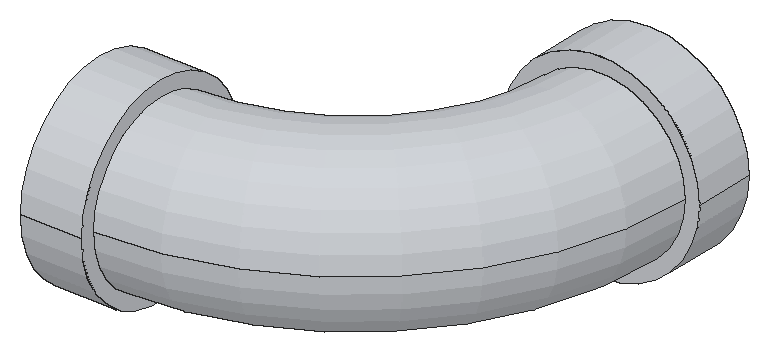
Revit family "6b43ec90e81c4598974d1cfea7ddf7a5", category Pipe Fittings, Revit 2021
Family settings
  Round Connector Dimension = Use Radius
  Part Type = Elbow
  OmniClass Number = 23.60.30.11.14
  OmniClass Title = Pipework Fittings
  Seek Item ID = Bend Long Sweep - PVC - Sch 40 - DWV-0000-USA-ENU
  Work Plane-Based = No
  Always vertical = Yes
  Cut with Voids When Loaded = No
  Shared = No
Parameters (values of type "Standard")
  Wall Thickness [instance] = size_lookup(Lookup Table Name, "WThk", 0.02 * Nominal Diameter + 33/256", Nominal Diameter)  # 0.156"
  Tick Size [instance] = Fitting Outside Diameter * 0.4  # 0.76"
  Loss Method = Not Defined
  Lookup Table Name = "Bend Long Sweep - PVC - Sch 40 - DWV"
  Length 4 [instance] = Length 1 * sin(Angle)  # 3.437"
  Length 3 [instance] = Length 1 * cos(Angle) + Length 1 - Socket Depth  # 2 3/4"
  Fitting Outside Radius [instance] = Fitting Outside Diameter / 2  # 0.95"
  Fitting Outside Diameter [instance] = size_lookup(Lookup Table Name, "FOD", 1.04 * Nominal Diameter + 23/64", Nominal Diameter)  # 1.9"
  Length 2 [instance] = (Fitting Outside Radius + 1/32") * tan(Angle / 2) + Socket Depth  # 1.66825"
  Nominal Radius [instance] = 3/4"
  Nominal Diameter [instance] = Nominal Radius * 2  # 1 1/2"
  Socket Entrance Diameter [instance] = size_lookup(Lookup Table Name, "SED", 1.04 * Nominal Diameter + 95/256", Nominal Diameter)  # 1.915"
  Length 1 [instance] = if(Center to End > Fitting Outside Radius * tan(Angle / 2) + Socket Depth, Center to End, Length 2)  # 3.437"
  Default Elevation = 0' - 0"
  Center to Socket Bottom [instance] = size_lookup(Lookup Table Name, "CtSB", 1.36 * Nominal Diameter + 41/128", Nominal Diameter)  # 2 3/4"
  Center to End [instance] = Center to Socket Bottom + Socket Depth  # 3.437"
  Center Radius [instance] = (Length 1 - Socket Depth) / tan(Angle / 2)  # 2 3/4"
  Socket Depth [instance] = size_lookup(Lookup Table Name, "SDpt", 0.5 * Nominal Diameter, Nominal Diameter)  # 0.687"
  Socket Outside Radius [instance] = Socket Outside Diameter / 2  # 1.1135"
  Socket Outside Diameter [instance] = Socket Entrance Diameter + Wall Thickness * 2  # 2.227"
  Assembly Code = ""
  Angle [instance] = 90.00°
Reference planes (in)
  plane 1 "Center (Front/Back)": y = 0
  plane 2: z = 0
  plane 3 "Center (Left/Right)": x = 0
  plane 4: x = -2.75
  plane 5: x = -3.437
  plane 6: y = 2.75
  plane 7: y = 0.76
  plane 8: y = -0.76
  plane 9: y = 3.437
  plane 10: x = 0
Forms (in)
  Sweep 1, solid, detail levels fine
    path in 3D
      loop
        arc (-2.75, 0, 0) -> (-0.80546, 0.80546, 0) -> (0, 2.75, 0) r 2.75
    profile origin (-0.80546, 0.80546, 0) x (-0.707107, 0.707107, 0) y (0, 0, 1)
      loop
        circle (0, 0) r 0.95
  Sweep 2, solid, detail levels fine
    path in 3D
      loop
        line (-3.437, 0, 0) -> (-2.75, 0, 0)
    profile origin (-3.0935, 0, 0) x (0, 1, 0) y (0, 0, 1)
      loop
        circle (0, 0) r 1.1135
  Sweep 3, solid, detail levels fine
    path in 3D
      loop
        line (0, 2.75, 0) -> (0, 3.437, 0)
    profile origin (0, 3.0935, 0) x (-1, 0, 0) y (0, 0, 1)
      loop
        circle (0, 0) r 1.1135
Cuts and joins
  joined: Sweep 1, Sweep 2, Sweep 3
Lines and regions (in)
  model lines, detail levels coarse+medium
    curve 1: line (-3.437, 0, 0) -> (-2.75, 0, 0)
    curve 2: arc (-2.75, 0, 0) -> (-0.80546, 0.80546, 0) -> (0, 2.75, 0) r 2.75
    curve 3: line (0, 2.75, 0) -> (0, 3.437, 0)
    curve 8: line (-3.437, 0, 0) -> (-3.437, 0.76, 0)
    curve 9: line (-3.437, 0, 0) -> (-3.437, -0.76, 0)
    curve 10: line (0, 3.437, 0) -> (-0.76, 3.437, 0)
    curve 11: line (0, 3.437, 0) -> (0.76, 3.437, 0)
  sketch lines
    curve 4: arc (-2.75, 0, 0) -> (-0.80546, 0.80546, 0) -> (0, 2.75, 0) r 2.75
    curve 5: line (-3.437, 0, 0) -> (-2.75, 0, 0)
    curve 6: line (0, 2.75, 0) -> (0, 3.437, 0)
  reference lines
    curve 7: line (-3.437, 0, 0) -> (-2.75, 0, 0)
    curve 12: line (0, 3.437, 0) -> (0, 2.75, 0)
Dimensions and locks (in)
  "Center Radius": plane 6 to plane 1 "Center (Front/Back)"
  "Socket Depth": plane 5 to plane 4
  "Tick Size": plane 7 to plane 1 "Center (Front/Back)"
  "Tick Size": plane 8 to plane 1 "Center (Front/Back)"
  "Socket Depth": curve 3 to curve 3
  "Tick Size": curve 10 to curve 10
  "Tick Size": curve 11 to curve 11
  "Length 1": plane 5 to plane 3 "Center (Left/Right)"
  "Length 4": plane 9 to plane 1 "Center (Front/Back)"
  "Length 3": plane 4 to plane 10
  "Center Radius": radius of curve 2
  "Fitting Outside Radius": radius of Sweep 1 sketch curve
  "Socket Outside Radius": radius of Sweep 2 sketch curve
  "Socket Outside Radius": radius of Sweep 3 sketch curve
  "Angle": angle curve 2 to curve 2
  "Angle": angle plane 1 "Center (Front/Back)" to curve 3
  locked: curve 11 to curve 3 (angle 90.00°)
  locked: curve 3 to curve 10 (angle 90.00°)
  "Angle": angle plane 9 to curve 12
  aligned and locked: plane 4 to curve 2
  aligned and locked: plane 5 to curve 7
  aligned and locked: plane 1 "Center (Front/Back)" to curve 7
  aligned and locked: plane 7 to curve 8
  aligned and locked: plane 1 "Center (Front/Back)" to curve 9
  aligned and locked: plane 8 to curve 9
  aligned and locked: curve 9 to plane 5
  aligned and locked: plane 10 to curve 12
  aligned and locked: plane 9 to curve 12
Automatic sketch dimensions
  Sweep 1 sketch curve to profile plane = 0' - 0"  (x2)
  Sweep 2 sketch curve to profile plane = 0' - 0"  (x2)
  Sweep 3 sketch curve to profile plane = 0' - 0"  (x2)
  curve 7 to plane 4 = 0' - 0"
Connectors (in)
  piping at (-3.437, 0, 0), diameter 1.5, driven by "Angle", driven by "Nominal Radius"
    settings: on cut or joined group of Sweep 1, Sweep 2, Sweep 3, index 1, connector inside diameter 1 1/2", connector length 0' - 0", flow factor 0, pipe flow 0 GPM, pressure drop 0.00 psi, fitting loss kfactor 0, connector angle 90.00°, fixture units 0, engagement length 0' - 0", angle of deflection 0.00°, flow configuration 0, flow direction 0, fitting loss method 0, system type 28, joint type 0, gender type 0, connector reference index 2, connector utility 0, adjustable connector no, is connector primary yes, connector description ""
  piping at (0, 3.437, 0), diameter 1.5, driven by "Angle", driven by "Nominal Radius"
    settings: on cut or joined group of Sweep 1, Sweep 2, Sweep 3, index 2, connector inside diameter 1 1/2", connector length 0' - 0", flow factor 0, pipe flow 0 GPM, pressure drop 0.00 psi, fitting loss kfactor 0, connector angle 90.00°, fixture units 0, engagement length 0' - 0", angle of deflection 0.00°, flow configuration 0, flow direction 0, fitting loss method 0, system type 28, joint type 0, gender type 0, connector reference index 1, connector utility 0, adjustable connector no, is connector primary no, connector description ""
